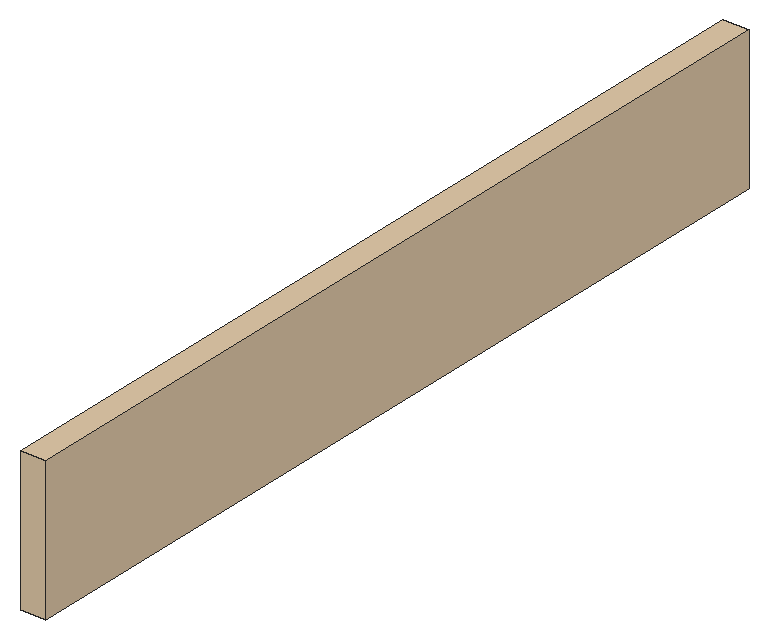
Revit family "Supports-Teknion-CEATS-Toe_Kick_Side-R2023", category Furniture, Revit 2023
Family settings
  OmniClass Number = 23.40.20.00
  OmniClass Title = General Furniture and Specialties
  Work Plane-Based = No
  Enable Cutting in Views = No
  Always vertical = Yes
  Cut with Voids When Loaded = No
  Render Appearance Source = Family Geometry
  Shared = Yes
  Room Calculation Point = No
Parameters (values of type "Toe Kick – Side")
  Warranty = "http://www.teknion.com/ca/papers/legal-canada"
  Unit Weight URL = "http://www.teknion.com/ca/tools/assets#&asset=bee6a381-b954-425e-8283-5a2de3a804f2,f828d448-4b62-4231-9e5f-9a8991c0ed77"
  URL = "www.teknion.com"
  To render please download texture images found here [instance] = "https://assets.teknion.com/web/5e81352c1dfdb467/revit-material-swatches/"
  Sustainability Data = "https://www.teknion.com/ca/tools/assets#&topic=216f99a5-57a0-44fc-b10a-9dee9b29ae4c&asset=444deb64-fe58-4b68-981e-f75e97781df7,b4ff2d81-9f2e-437d-9659-7cffb09c31cf"
  Series = "Casework+"  # constant formula
  Product Page URL = "https://www.teknion.com/ca//products/product-details?productLineId=30ca1270-8e7a-673b-a6c8-ff05004460c4"
  Product Line = "Finishing Components"  # constant formula
  Product Documentation Link = "http://www.teknion.com/pricingguides/Casework/pdfs/CEATS_ppg.pdf"
  Part Number = "CEATS"  # constant formula
  Model = "CEATS04___"  # constant formula
  Manufacturer Phone = "416-661-3370"  # constant formula
  Manufacturer Fax = "416.661.4586"  # constant formula
  Manufacturer Contact Information = "http://www.teknion.com/ca/contactus"
  Manufacturer Address = "1150 Flint Road, Toronto, ON. M3J 2J5. Canada"  # constant formula
  Manufacturer = "Teknion"  # constant formula
  How To Use Teknion Materials User Guide [instance] = "https://assets.teknion.com/m/205dd0a49fa58060/original/How-to-add-a-Material-Library-and-Texture-Images-to-your-Revit-project.pdf"
  For Additional Finishes please visit [instance] = "https://assets.teknion.com/m/44a8009b046e5d47/original/Teknion_Materials_Library.zip"
  Toe kick Finish [instance] = Foundation Laminate - Teknion - 2L - Costal Elm
  Description = "Toe Kick – Side"  # constant formula
  Depth [instance] = 29.000"
  Default Elevation = 0.000"
  Available Depth [instance] = "Available In 24 & 29 Inches"  # constant formula
  Assembly Code = "E2020200"
  Acutal Depth [instance] = Depth - 4.700"  # 24.300"
Reference planes (in)
  plane 1 "Center Front/Back": y = -1.89698
  plane 2: z = 0
  plane 3 "Center Left/Right": x = 0.01246
  plane 4 "Left": x = -0.33754
  plane 5 "Right": x = 0.36246
  plane 6 "Back": y = 10.25302
  plane 7 "Front": y = -14.04698
  plane 8 "Top": z = 3.937
Forms (in)
  Sweep 1, solid, material "Foundation Laminate - Teknion - 2L - Costal Elm" <- "Toe kick Finish"
    path origin (0, 0, 0) x (1, 0, 0) y (0, 1, 0)
      loop
        line (0.36246, -1.89698) -> (-0.33754, -1.89698)
    profile origin (0.01246, -1.89698, 0) x (0, -1, 0) y (0, 0, 1)
      loop
        line (-12.15, 3.937) -> (-12.15, 0) -> (12.15, 0) -> (12.15, 3.937) -> (-12.15, 3.937)
Lines and regions (in)
  Masking region 1
    outline origin (0, 0, 0) x (1, 0, 0) y (0, 1, 0)
      loop
        line (-0.33754, 10.25302) -> (-0.33754, -14.04698) -> (0.36246, -14.04698) -> (0.36246, 10.25302) -> (-0.33754, 10.25302)
  reference lines
    curve 1: line (0.36246, 10.25302, 0) -> (0.36246, -14.04698, 0)
    curve 2: line (-0.33754, 10.25302, 0) -> (0.36246, 10.25302, 0)
    curve 3: line (-0.33754, 10.25302, 0) -> (-0.33754, -14.04698, 0)
    curve 4: line (-0.33754, -14.04698, 0) -> (0.36246, -14.04698, 0)
Dimensions and locks (in)
  plane 4 "Left" to plane 5 "Right" = 0.700"
  "Acutal Depth": plane 6 "Back" to plane 7 "Front"
  plane 8 "Top" to level = 3.937"
  equal spacing: plane 4 "Left", plane 3 "Center Left/Right", plane 5 "Right"
  equal spacing: plane 6 "Back", plane 1 "Center Front/Back", plane 7 "Front"
  locked: Sweep 1 sketch curve to plane 2
  aligned and locked: level to plane 2
  aligned and locked: Masking region 1 sketch curve to plane 4 "Left"
  aligned and locked: Masking region 1 sketch curve to plane 6 "Back"
  aligned and locked: Masking region 1 sketch curve to plane 5 "Right"
  aligned and locked: plane 7 "Front" to Masking region 1 sketch curve
  aligned and locked: curve 1 to plane 5 "Right"
  aligned and locked: curve 2 to plane 6 "Back"
  aligned and locked: curve 3 to plane 4 "Left"
  aligned and locked: plane 7 "Front" to curve 4
  aligned and locked: nested 2 to plane 6 "Back"
  aligned and locked: nested 1 to plane 6 "Back"
  aligned and locked: plane 5 "Right" to nested 1
  aligned and locked: plane 4 "Left" to nested 2
  aligned and locked: Sweep 1 sketch curve to plane 1 "Center Front/Back"
  aligned and locked: plane 5 "Right" to Sweep 1 sketch curve
  aligned and locked: plane 4 "Left" to Sweep 1 sketch curve
  aligned and locked: plane 8 "Top" to Sweep 1 sketch curve
  aligned and locked: plane 7 "Front" to Sweep 1 sketch curve
  aligned and locked: plane 6 "Back" to Sweep 1 sketch curve
Nested families (in)
  nested 1: "Teknion_2D_Node_Family-R2021" at (0.36246, 10.25302, 0), type "Teknion_2D_Node_Family-R2021"
  nested 2: "Teknion_2D_Node_Family-R2021" at (-0.33754, 10.25302, 0), type "Teknion_2D_Node_Family-R2021"
Definition of nested family "Teknion_2D_Node_Family-R2021"
  Reference planes (in)
    plane 1 "Center (Front/Back)": y = 0
    plane 2: z = 0
    plane 3 "Center (Left/Right)": x = 0
  Lines and regions (in)
    detail lines, in view "Ref. Level"
      curve 1: circle (0, 0, 0) r 1.25 normal (0, 0, 1)
      curve 2: line (1.91508, -1.91508, 0) -> (-1.91508, 1.91508, 0)
      curve 3: line (-1.91508, -1.91508, 0) -> (1.91508, 1.91508, 0)
